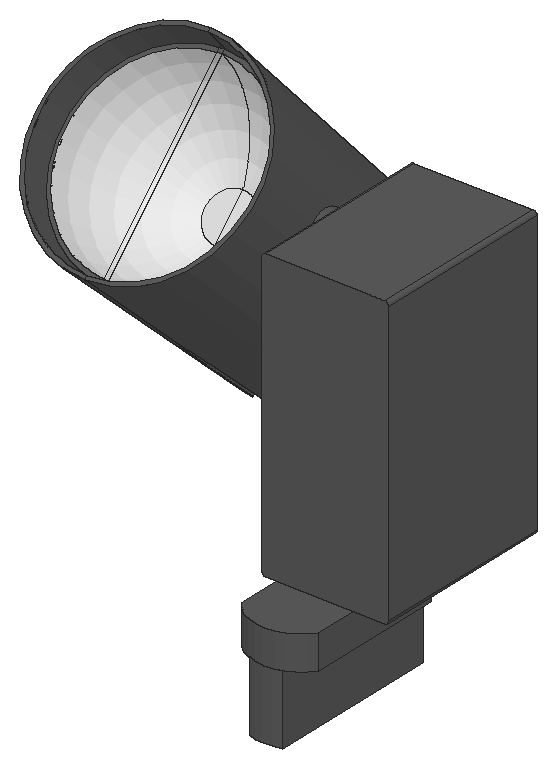
Revit family "0004884 Feilo Sylvania Lighting Fixture START TRACK SPOT S 14W 3K RA90 MB BLACK", category Lighting Fixtures, host Face, Revit 2017
Family settings
  Host = Face
  Round Connector Dimension = Use Diameter
  Part Type = Normal
  OmniClass Number = 23.80.70.00
  OmniClass Title = Lighting
  Cut with Voids When Loaded = No
  Light Source = No
  Shared = No
  Room Calculation Point = No
Parameters (values of type "0004884 START TRACK SPOT S 14W 3K RA90 MB BLACK")
  Weight = "0.94 kg"
  Wattage Comments = ""
  WarrantyStartDate [instance] = "n/a"
  WarrantyGuarantorParts = "n/a"
  WarrantyDurationUnit = "n/a"
  WarrantyDurationParts = "n/a"
  WarrantyDescription = "n/a"
  Voltage = 230 V
  URL = "http://www.sylvania-lighting.com"
  TypeName = "START TRACK SPOT S 14W 3K RA90 MB BLACK"
  TypeHead_FEILO = Start Track Spot Head : 0004884 START TRACK SPOT S 14W 3K RA90 MB BLACK
  TypeBox_FEILO = Start Track Spot Box : Type Small Black
  Type Image = <None>
  Type Comments = "n/a"
  VerticalRotation_FEILO [instance] = 0.00°
  SlideEndAngle_FEILO [instance] = VerticalRotation_FEILO + 180.00°  # 180.00°
  SerialNumber [instance] = "n/a"
  Material_3_FEILO = none
  PowerFactor = 0.92
  PowerConsumption = "14 W"
  NominalLength = 0 mm
  NominalHeight = 200 mm
  NominalDepth = 140 mm
  Name = "START TRACK SPOT S 14W 3K RA90 MB BLACK"
  ModelReference = Name  # "START TRACK SPOT S 14W 3K RA90 MB BLACK"
  ModelNumber = "0004884"
  Model = Name  # "START TRACK SPOT S 14W 3K RA90 MB BLACK"
  Material = "adc12 aluminium housing, polycarbonate diffuser"
  ManufacturerName = "Feilo Sylvania"
  Manufacturer = "Feilo Sylvania"
  LuminousEfficacy = "90 lm/W"
  LuminaireType = ""
  LightOutputRatio = "100"
  LampsType = Lamp  # "LED"
  LampNominalLuminous = "1262 lm"
  LampMacAdamStep = "3"
  LampColourTemperature = "3000 K"
  LampColourRenderingIndex = "90"
  Lamp = "LED"
  Keynote = "16500"
  InstallationDate [instance] = "n/a"
  InputVoltage = "230-240V~"
  InputNominalFrequency = "50/60 Hz"
  IngressProtection = "IP20"
  ImpactProtectionIndex = "IK02"
  IfcExportType = "IfcLightFixtureType"
  IfcExportAs = "IfcLightFixtureType"
  HorizontalRotation_FEILO [instance] = 45.00°
  ExpectedLife = 50000
  ElectricShockClassification = "Class II"
  DurationUnit = "hours"
  DocumentationLiterature = "http://www.sylvania-lighting.com/product/en-int/products/0004884"
  DimmingControlOptions = "Non dimmable"
  Material_2_FEILO = none
  Description = "Integrated LED spotlight, Textured Black - RAL9005, compact and minimalist design, ideal for retail applications, die-cast aluminium body, passive cooling heatsink. Beam angle: 36°, color temperature: 3000K , total system power: 14W, total fixture output: 1262 lm, LOR: 100%, colour rendering: Ra: 90 typical, LED Chromaticity: 3 step MacAdam ellipse, lifetime: >50000 hours at L70B50, energy class: A++, A+, A, IR/UV free light source without heat radiation, operating voltage: 220-240V / 50-60Hz, drive current: 350mA, electronic driver, non-dimmable, power factor: 0.92, electrical protection: Class II, Global Track 3 Phase adapter suitable for Global trac 3-circuit tracks, ingress protection rating: IP20, suitable for internal environment only, horizontal rotation: 355°, vertical tilt: 90°, dimensions: Ø86x140x200, weight: 0.940kg."
  Default Elevation = 1219.2 mm
  CreatedOn = "12/12/2017"
  CreatedBy = ""
  Cost = 0
  built-in parameter 1114216 [instance] = (empty or 0)
  ClassificationValue = "EF_70_80"
  ClassificationName = "Uniclass2015"
  Material_1_FEILO = Body-Sylvania-StartTrackSpot-Black
  BarCode [instance] = "n/a"
  AssetType = "Fixed"
  AssetIdentifier [instance] = "n/a"
  Assembly Code = "D5020200"
  Apparent Load = 14 VA
  Material_4_FEILO = none
Reference planes
  plane 1 "Center (Front/Back)": y = 0
  plane 2: z = 0
  plane 3 "Center (Left/Right)": x = 0
  plane 4: x = 15
  plane 5: x = -15
  plane 6: y = 35
  plane 7: y = -35
  plane 8: z = 13
  plane 9: z = -27
  plane 10: x = 6.5
  plane 11: x = -6.5
  plane 12: y = 27
  plane 13: y = -27
  plane 14: y = 20
Forms (mm)
  Extrusion 1, solid, material "Body-Sylvania-StartTrackSpot-Black" <- "Material_1_FEILO"
    sketch origin (0, 0, 0) x (1, 0, 0) y (0, 1, 0)
      loop
        line (-15, 27) -> (-15, -27)
        arc (-15, -27) -> (0, -35) -> (15, -27) r 18.062
        line (15, -27) -> (15, 27)
        arc (15, 27) -> (0, 35) -> (-15, 27) r 18.062
    from 0 to 13
  Extrusion 2, solid, material "Body-Sylvania-StartTrackSpot-Black" <- "Material_1_FEILO"
    sketch origin (0, 0, 0) x (1, 0, 0) y (0, 1, 0)
      loop
        arc (6.5, 33.79) -> (0, 35) -> (-6.5, 33.79) r 18.062
        line (-6.5, 33.79) -> (-6.5, -33.79)
        arc (-6.5, -33.79) -> (0, -35) -> (6.5, -33.79) r 18.062
        line (6.5, -33.79) -> (6.5, 33.79)
    from 0 to -27
  Revolve 3, solid, not visible
    sketch origin (1524, 20, 1219.2) x (1, 0, 0) y (0, 0, 1)
      loop
        line (-1524, -1206.2) -> (-1524, -1191.285) -> (-1530.5, -1191.285) -> (-1530.5, -1206.2) -> (-1524, -1206.2)
      axis (-1524, -1191.285) -> (-1524, -1206.2)
    angle from 0 <- "VerticalRotation_FEILO" to 180 <- "SlideEndAngle_FEILO"
Cuts and joins
  joined: Extrusion 1, Extrusion 2
Dimensions and locks
  equal spacing: plane 10, plane 3 "Center (Left/Right)", plane 11
  equal spacing: plane 4, plane 3 "Center (Left/Right)", plane 5
  locked: plane 8 to plane 2 at 13
  locked: plane 8 to plane 9 at 40
  equal spacing: plane 13, plane 1 "Center (Front/Back)", plane 12
  locked: plane 12 to plane 6 at 8
  locked: plane 14 to plane 6 at 15
  locked: Revolve 3 sketch curve to plane 8 at 14.915
  aligned and locked: plane 2 to host face
  aligned and locked: level to host face
  aligned and locked: plane 5 to Extrusion 1 sketch curve  (x2)
  aligned and locked: plane 12 to Extrusion 1 sketch curve
  aligned and locked: plane 13 to Extrusion 1 sketch curve
  aligned and locked: plane 4 to Extrusion 1 sketch curve
  aligned and locked: Extrusion 1 to plane 8
  aligned and locked: Extrusion 1 to level
  aligned and locked: Extrusion 2 sketch curve to Extrusion 1  (x2)
  aligned and locked: Extrusion 2 sketch curve to plane 11
  aligned and locked: plane 10 to Extrusion 2 sketch curve
  aligned and locked: plane 9 to Extrusion 2
  aligned and locked: level to Extrusion 2
  aligned and locked: Revolve 3 sketch curve to plane 3 "Center (Left/Right)"  (x2)
  aligned and locked: plane 11 to Revolve 3 sketch curve
  aligned and locked: Revolve 3 sketch curve to plane 8
Automatic sketch dimensions
  host sketch curve to host sketch curve = 2438.4 mm  (x2)
  Extrusion 1 sketch curve to plane 3 "Center (Left/Right)" = 0 mm  (x2)
  Extrusion 1 sketch curve to plane 13 = 10.062 mm
  plane 12 to Extrusion 1 sketch curve = 10.062 mm
  Revolve 3 sketch curve to plane 3 "Center (Left/Right)" = 0 mm
  plane 9 to Revolve 3 sketch curve = 582.6 mm
  Revolve 3 sketch curve to Revolve 3 sketch curve = 2581.144 mm
Nested families
  nested 1: "Start Track Spot Head" at (-62, 20, 112.529) x (0, 0.7071, 0.7071) z (0, 0.7071, -0.7071), type <- "TypeHead_FEILO", type "0004884 START TRACK SPOT S 14W 3K RA90 MB BLACK"
    with built-in parameter 1114216 (empty or 0)
  nested 2: "Start Track Spot Box" at (8.5, 20, 73) x (-1, 0, 0) z (0, -1, 0), BoxStartAngle_FEILO <- "HorizontalRotation_FEILO", type <- "TypeBox_FEILO", type "Type Small Black"
    with BoxStartAngle_FEILO 45.00°, BoxEndAngle_FEILO -135.00°
Connectors
  electrical at (0, 0, 0), driven by "Apparent Load", driven by "PowerFactor", driven by "Voltage"
    settings: index 1, voltage 230 V, apparent load 14 VA, apparent load phase1 0 VA, apparent load phase2 0 VA, apparent load phase3 0 VA, power factor 0.92, load classification "Lighting", number of poles 1, system type 30, power factor state 1, is connector primary yes, connector utility no, sub classification motor no, connector description ""
Definition of nested family "Start Track Spot Head"
  Parameters (values of type "0004811 START TRACK SPOT S 14W 3K RA80 NB WHITE")
    Wattage Comments = "n/a"
    Wattage = 14 W
    built-in parameter 1150110 = 1 (stored number, unit not read)
    URL = "http://www.feilosylvania.com"
    Type Image = (empty or 0)
    Type Comments = "n/a"
    built-in parameter 1114217 = 1 (stored number, unit not read)
    Tilt Angle = -90.00°
    built-in parameter 1150109 = 1 (stored number, unit not read)
    built-in parameter 1150134 = (empty or 0)
    built-in parameter 1150113 = 1 (stored number, unit not read)
    Photometric Web File = "0004811.ies"
    Material_3_FEILO = none
    Model = "START TRACK SPOT S 14W 3K RA80 NB WHITE"
    Manufacturer = "Feilo Sylvania"
    built-in parameter 1150105 = 123.66 (stored number, unit not read)
    Lumens = 1554 lm
    built-in parameter 1150115 = 1 (stored number, unit not read)
    built-in parameter 1150137 = (empty or 0)
    built-in parameter 1150139 = (empty or 0)
    built-in parameter 1150112 = 1 (stored number, unit not read)
    built-in parameter 1150114 = 1 (stored number, unit not read)
    Lamp = "LED"
    Keynote = "16500"
    Material_2_FEILO = none
    built-in parameter 1150132 = (empty or 0)
    built-in parameter 1150102 = (empty or 0)
    built-in parameter 1150107 = 3000 (stored number, unit not read)
    built-in parameter 1150138 = (empty or 0)
    built-in parameter 1150106 = 1.2366 (stored number, unit not read)
    HeadThickness_FEILO = if(HeadDiaOut_FEILO > 112 mm, 2 mm, 1.5 mm)  # 1.5 mm
    HeadRibOffset_FEILO = HeadHeight_FEILO / 28  # 4.179 mm
    HeadRibDepth_FEILO = HeadHeight_FEILO / 2.1  # 55.714 mm
    HeadRibCutWidth_FEILO = HeadDiaOut_FEILO / 12  # 7.167 mm
    HeadRibCutOffset_FEILO = HeadHeight_FEILO / 2.3  # 50.87 mm
    HeadReflectorRadius_FEILO = HeadDiaOut_FEILO / 1.7  # 50.588 mm
    HeadReflectorOffset_FEILO = HeadHeight_FEILO / 2.1  # 55.714 mm
    HeadLEDRadius_FEILO = HeadDiaOut_FEILO / 9  # 9.556 mm
    HeadHeight_FEILO = 117 mm
    HeadDraft_FEILO = 1 mm
    HeadDiffusorThickness_FEILO = 3 mm
    HeadDiffusorOffset_FEILO = HeadHeight_FEILO / 12.4  # 9.435 mm
    HeadDiaOut_FEILO = 86 mm
    HeadDiaIn_FEILO = HeadDiaOut_FEILO / 1.11  # 77.477 mm
    HeadAxisFromTop_FEILO = HeadHeight_FEILO / 1.687  # 69.354 mm
    Emit from Circle Diameter = HeadDiaIn_FEILO  # 77.477 mm
    Emit Shape Visible in Rendering = no
    built-in parameter 1150104 = 10.312 (stored number, unit not read)
    Dimming Lamp Color Temperature Shift = (empty or 0)
    Description = "Integrated LED spotlight, Textured White - RAL9016, compact and minimalist design, ideal for retail applications, die-cast aluminium body, passive cooling heatsink. Beam angle: 12°, color temperature: 3000K , total system power: 14W, total fixture output: 1551 lm, LOR: 100%, colour rendering: Ra: 80 typical, LED Chromaticity: 3 step MacAdam ellipse, lifetime: >50000 hours at L70B50, energy class: A++, A+, A, IR/UV free light source without heat radiation, operating voltage: 220-240V / 50-60Hz, drive current: 350mA, electronic driver, non-dimmable, power factor: 0.92, electrical protection: Class II, Global Track 3 Phase adapter suitable for Global trac 3-circuit tracks, ingress protection rating: IP20, suitable for internal environment only, horizontal rotation: 355°, vertical tilt: 90°, dimensions: Ø86x140x200, weight: 0.940kg."
    Default Elevation = 1219.2 mm
    Cost = 0
    Color Filter = 16777215
    built-in parameter 1114216 [instance] = (empty or 0)
    Material_1_FEILO = none
    built-in parameter 1114218 = 1 (stored number, unit not read)
    built-in parameter 1150133 = 10 (stored number, unit not read)
    Assembly Code = "D5020200"
    Apparent Load = 14 VA
    Material_4_FEILO = none
  Types (96, lengths in mm): name | Wattage | built-in parameter 1150134 | Photometric Web File | Model | built-in parameter 1150105 | Lumens | built-in parameter 1150107 | built-in parameter 1150106 | HeadThickness_FEILO | HeadRibOffset_FEILO | HeadRibDepth_FEILO | HeadRibCutWidth_FEILO | HeadRibCutOffset_FEILO | HeadReflectorRadius_FEILO | HeadReflectorOffset_FEILO | HeadLEDRadius_FEILO | HeadHeight_FEILO | HeadDiffusorOffset_FEILO | HeadDiaOut_FEILO | HeadDiaIn_FEILO | HeadAxisFromTop_FEILO | Emit from Circle Diameter | built-in parameter 1150104 | Description | Apparent Load
    0004906 START TRACK SPOT L 55W 4K RA90 WB BLACK | 55 W | 12 | "0004906.ies" | "START TRACK SPOT L 55W 4K RA90 WB BLACK" | 385.15 (stored number, unit not read) | 4840 lm | 4000 (stored number, unit not read) | 3.8515 (stored number, unit not read) | 2 | 4.429 | 59.048 | 9.417 | 53.913 | 66.471 | 59.048 | 12.556 | 124 | 10 | 113 | 101.802 | 73.503 | 101.802 | 8.1755 (stored number, unit not read) | "Integrated LED spotlight, Textured Black - RAL9005, compact and minimalist design, ideal for retail applications, die-cast aluminium body, passive cooling heatsink. Beam angle: 52°, color temperature: 4000K , total system power: 55W, total fixture output: 4824 lm, LOR: 100%, colour rendering: Ra: 90 typical, LED Chromaticity: 3 step MacAdam ellipse, lifetime: >50000 hours at L70B50, energy class: A++, A+, A, IR/UV free light source without heat radiation, operating voltage: 220-240V / 50-60Hz, drive current: 1400mA, electronic driver, non-dimmable, power factor: 0.96, electrical protection: Class II, Global Track 3 Phase adapter suitable for Global trac 3-circuit tracks, ingress protection rating: IP20, suitable for internal environment only, horizontal rotation: 355°, vertical tilt: 90°, dimensions: Ø113x164x240, weight: 1.398kg." | 55 VA
    0004905 START TRACK SPOT L 55W 4K RA90 MB BLACK | 55 W | 12 | "0004905.ies" | "START TRACK SPOT L 55W 4K RA90 MB BLACK" | 389.53 (stored number, unit not read) | 4895 lm | 4000 (stored number, unit not read) | 3.8953 (stored number, unit not read) | 2 | 4.429 | 59.048 | 9.417 | 53.913 | 66.471 | 59.048 | 12.556 | 124 | 10 | 113 | 101.802 | 73.503 | 101.802 | 8.2684 (stored number, unit not read) | "Integrated LED spotlight, Textured Black - RAL9005, compact and minimalist design, ideal for retail applications, die-cast aluminium body, passive cooling heatsink. Beam angle: 38°, color temperature: 4000K , total system power: 55W, total fixture output: 4897 lm, LOR: 100%, colour rendering: Ra: 90 typical, LED Chromaticity: 3 step MacAdam ellipse, lifetime: >50000 hours at L70B50, energy class: A++, A+, A, IR/UV free light source without heat radiation, operating voltage: 220-240V / 50-60Hz, drive current: 1400mA, electronic driver, non-dimmable, power factor: 0.96, electrical protection: Class II, Global Track 3 Phase adapter suitable for Global trac 3-circuit tracks, ingress protection rating: IP20, suitable for internal environment only, horizontal rotation: 355°, vertical tilt: 90°, dimensions: Ø113x164x240, weight: 1.398kg." | 55 VA
    0004904 START TRACK SPOT L 55W 4K RA90 NB BLACK | 55 W | 12 | "0004904.ies" | "START TRACK SPOT L 55W 4K RA90 NB BLACK" | 393.91 (stored number, unit not read) | 4950 lm | 4000 (stored number, unit not read) | 3.9391 (stored number, unit not read) | 2 | 4.429 | 59.048 | 9.417 | 53.913 | 66.471 | 59.048 | 12.556 | 124 | 10 | 113 | 101.802 | 73.503 | 101.802 | 8.3613 (stored number, unit not read) | "Integrated LED spotlight, Textured Black - RAL9005, compact and minimalist design, ideal for retail applications, die-cast aluminium body, passive cooling heatsink. Beam angle: 15°, color temperature: 4000K , total system power: 55W, total fixture output: 4965 lm, LOR: 100%, colour rendering: Ra: 90 typical, LED Chromaticity: 3 step MacAdam ellipse, lifetime: >50000 hours at L70B50, energy class: A++, A+, A, IR/UV free light source without heat radiation, operating voltage: 220-240V / 50-60Hz, drive current: 1400mA, electronic driver, non-dimmable, power factor: 0.96, electrical protection: Class II, Global Track 3 Phase adapter suitable for Global trac 3-circuit tracks, ingress protection rating: IP20, suitable for internal environment only, horizontal rotation: 355°, vertical tilt: 90°, dimensions: Ø113x164x240, weight: 1.398kg." | 55 VA
    0004903 START TRACK SPOT L 35W 4K RA90 WB BLACK | 35 W | 12 | "0004903.ies" | "START TRACK SPOT L 35W 4K RA90 WB BLACK" | 284.09 (stored number, unit not read) | 3570 lm | 4000 (stored number, unit not read) | 2.8409 (stored number, unit not read) | 2 | 4.429 | 59.048 | 9.417 | 53.913 | 66.471 | 59.048 | 12.556 | 124 | 10 | 113 | 101.802 | 73.503 | 101.802 | 9.4761 (stored number, unit not read) | "Integrated LED spotlight, Textured Black - RAL9005, compact and minimalist design, ideal for retail applications, die-cast aluminium body, passive cooling heatsink. Beam angle: 52°, color temperature: 4000K , total system power: 35W, total fixture output: 3562 lm, LOR: 100%, colour rendering: Ra: 90 typical, LED Chromaticity: 3 step MacAdam ellipse, lifetime: >50000 hours at L70B50, energy class: A++, A+, A, IR/UV free light source without heat radiation, operating voltage: 220-240V / 50-60Hz, drive current: 900mA, electronic driver, non-dimmable, power factor: 0.93, electrical protection: Class II, Global Track 3 Phase adapter suitable for Global trac 3-circuit tracks, ingress protection rating: IP20, suitable for internal environment only, horizontal rotation: 355°, vertical tilt: 90°, dimensions: Ø113x164x240, weight: 1.368kg." | 35 VA
    0004902 START TRACK SPOT L 35W 4K RA90 MB BLACK | 35 W | 12 | "0004902.ies" | "START TRACK SPOT L 35W 4K RA90 MB BLACK" | 286.88 (stored number, unit not read) | 3605 lm | 4000 (stored number, unit not read) | 2.8688 (stored number, unit not read) | 2 | 4.429 | 59.048 | 9.417 | 53.913 | 66.471 | 59.048 | 12.556 | 124 | 10 | 113 | 101.802 | 73.503 | 101.802 | 9.569 (stored number, unit not read) | "Integrated LED spotlight, Textured Black - RAL9005, compact and minimalist design, ideal for retail applications, die-cast aluminium body, passive cooling heatsink. Beam angle: 38°, color temperature: 4000K , total system power: 35W, total fixture output: 3616 lm, LOR: 100%, colour rendering: Ra: 90 typical, LED Chromaticity: 3 step MacAdam ellipse, lifetime: >50000 hours at L70B50, energy class: A++, A+, A, IR/UV free light source without heat radiation, operating voltage: 220-240V / 50-60Hz, drive current: 900mA, electronic driver, non-dimmable, power factor: 0.93, electrical protection: Class II, Global Track 3 Phase adapter suitable for Global trac 3-circuit tracks, ingress protection rating: IP20, suitable for internal environment only, horizontal rotation: 355°, vertical tilt: 90°, dimensions: Ø113x164x240, weight: 1.368kg." | 35 VA
    0004901 START TRACK SPOT L 35W 4K RA90 NB BLACK | 35 W | 12 | "0004901.ies" | "START TRACK SPOT L 35W 4K RA90 NB BLACK" | 286.88 (stored number, unit not read) | 3605 lm | 4000 (stored number, unit not read) | 2.8688 (stored number, unit not read) | 2 | 4.429 | 59.048 | 9.417 | 53.913 | 66.471 | 59.048 | 12.556 | 124 | 10 | 113 | 101.802 | 73.503 | 101.802 | 9.569 (stored number, unit not read) | "Integrated LED spotlight, Textured Black - RAL9005, compact and minimalist design, ideal for retail applications, die-cast aluminium body, passive cooling heatsink. Beam angle: 15°, color temperature: 4000K , total system power: 35W, total fixture output: 3593 lm, LOR: 100%, colour rendering: Ra: 90 typical, LED Chromaticity: 3 step MacAdam ellipse, lifetime: >50000 hours at L70B50, energy class: A++, A+, A, IR/UV free light source without heat radiation, operating voltage: 220-240V / 50-60Hz, drive current: 900mA, electronic driver, non-dimmable, power factor: 0.93, electrical protection: Class II, Global Track 3 Phase adapter suitable for Global trac 3-circuit tracks, ingress protection rating: IP20, suitable for internal environment only, horizontal rotation: 355°, vertical tilt: 90°, dimensions: Ø113x164x240, weight: 1.368kg." | 35 VA
    0004900 START TRACK SPOT S 24W 4K RA90 WB BLACK | 24 W | 12 | "0004900.ies" | "START TRACK SPOT S 24W 4K RA90 WB BLACK" | 166.16 (stored number, unit not read) | 2088 lm | 4000 (stored number, unit not read) | 1.6616 (stored number, unit not read) | 1.5 | 4.179 | 55.714 | 7.167 | 50.87 | 50.588 | 55.714 | 9.556 | 117 | 9.435 | 86 | 77.477 | 69.354 | 77.477 | 8.0826 (stored number, unit not read) | "Integrated LED spotlight, Textured Black - RAL9005, compact and minimalist design, ideal for retail applications, die-cast aluminium body, passive cooling heatsink. Beam angle: 64°, color temperature: 4000K , total system power: 24W, total fixture output: 2087 lm, LOR: 100%, colour rendering: Ra: 90 typical, LED Chromaticity: 3 step MacAdam ellipse, lifetime: >50000 hours at L70B50, energy class: A++, A+, A, IR/UV free light source without heat radiation, operating voltage: 220-240V / 50-60Hz, drive current: 600mA, electronic driver, non-dimmable, power factor: 0.95, electrical protection: Class II, Global Track 3 Phase adapter suitable for Global trac 3-circuit tracks, ingress protection rating: IP20, suitable for internal environment only, horizontal rotation: 355°, vertical tilt: 90°, dimensions: Ø86x140x200, weight: 0.966kg." | 24 VA
    0004899 START TRACK SPOT S 24W 4K RA90 MB BLACK | 24 W | 12 | "0004899.ies" | "START TRACK SPOT S 24W 4K RA90 MB BLACK" | 169.98 (stored number, unit not read) | 2136 lm | 4000 (stored number, unit not read) | 1.6998 (stored number, unit not read) | 1.5 | 4.179 | 55.714 | 7.167 | 50.87 | 50.588 | 55.714 | 9.556 | 117 | 9.435 | 86 | 77.477 | 69.354 | 77.477 | 8.2684 (stored number, unit not read) | "Integrated LED spotlight, Textured Black - RAL9005, compact and minimalist design, ideal for retail applications, die-cast aluminium body, passive cooling heatsink. Beam angle: 36°, color temperature: 4000K , total system power: 24W, total fixture output: 2141 lm, LOR: 100%, colour rendering: Ra: 90 typical, LED Chromaticity: 3 step MacAdam ellipse, lifetime: >50000 hours at L70B50, energy class: A++, A+, A, IR/UV free light source without heat radiation, operating voltage: 220-240V / 50-60Hz, drive current: 600mA, electronic driver, non-dimmable, power factor: 0.95, electrical protection: Class II, Global Track 3 Phase adapter suitable for Global trac 3-circuit tracks, ingress protection rating: IP20, suitable for internal environment only, horizontal rotation: 355°, vertical tilt: 90°, dimensions: Ø86x140x200, weight: 0.966kg." | 24 VA
    0004898 START TRACK SPOT S 24W 4K RA90 NB BLACK | 24 W | 12 | "0004898.ies" | "START TRACK SPOT S 24W 4K RA90 NB BLACK" | 171.89 (stored number, unit not read) | 2160 lm | 4000 (stored number, unit not read) | 1.7189 (stored number, unit not read) | 1.5 | 4.179 | 55.714 | 7.167 | 50.87 | 50.588 | 55.714 | 9.556 | 117 | 9.435 | 86 | 77.477 | 69.354 | 77.477 | 8.3613 (stored number, unit not read) | "Integrated LED spotlight, Textured Black - RAL9005, compact and minimalist design, ideal for retail applications, die-cast aluminium body, passive cooling heatsink. Beam angle: 12°, color temperature: 4000K , total system power: 24W, total fixture output: 2155 lm, LOR: 100%, colour rendering: Ra: 90 typical, LED Chromaticity: 3 step MacAdam ellipse, lifetime: >50000 hours at L70B50, energy class: A++, A+, A, IR/UV free light source without heat radiation, operating voltage: 220-240V / 50-60Hz, drive current: 600mA, electronic driver, non-dimmable, power factor: 0.95, electrical protection: Class II, Global Track 3 Phase adapter suitable for Global trac 3-circuit tracks, ingress protection rating: IP20, suitable for internal environment only, horizontal rotation: 355°, vertical tilt: 90°, dimensions: Ø86x140x200, weight: 0.966kg." | 24 VA
    0004897 START TRACK SPOT S 14W 4K RA90 WB BLACK | 14 W | 12 | "0004897.ies" | "START TRACK SPOT S 14W 4K RA90 WB BLACK" | 108.07 (stored number, unit not read) | 1358 lm | 4000 (stored number, unit not read) | 1.0807 (stored number, unit not read) | 1.5 | 4.179 | 55.714 | 7.167 | 50.87 | 50.588 | 55.714 | 9.556 | 117 | 9.435 | 86 | 77.477 | 69.354 | 77.477 | 9.0116 (stored number, unit not read) | "Integrated LED spotlight, Textured Black - RAL9005, compact and minimalist design, ideal for retail applications, die-cast aluminium body, passive cooling heatsink. Beam angle: 64°, color temperature: 4000K , total system power: 14W, total fixture output: 1352 lm, LOR: 100%, colour rendering: Ra: 90 typical, LED Chromaticity: 3 step MacAdam ellipse, lifetime: >50000 hours at L70B50, energy class: A++, A+, A, IR/UV free light source without heat radiation, operating voltage: 220-240V / 50-60Hz, drive current: 350mA, electronic driver, non-dimmable, power factor: 0.92, electrical protection: Class II, Global Track 3 Phase adapter suitable for Global trac 3-circuit tracks, ingress protection rating: IP20, suitable for internal environment only, horizontal rotation: 355°, vertical tilt: 90°, dimensions: Ø86x140x200, weight: 0.940kg." | 14 VA
    0004896 START TRACK SPOT S 14W 4K RA90 MB BLACK | 14 W | 12 | "0004896.ies" | "START TRACK SPOT S 14W 4K RA90 MB BLACK" | 108.07 (stored number, unit not read) | 1358 lm | 4000 (stored number, unit not read) | 1.0807 (stored number, unit not read) | 1.5 | 4.179 | 55.714 | 7.167 | 50.87 | 50.588 | 55.714 | 9.556 | 117 | 9.435 | 86 | 77.477 | 69.354 | 77.477 | 9.0116 (stored number, unit not read) | "Integrated LED spotlight, Textured Black - RAL9005, compact and minimalist design, ideal for retail applications, die-cast aluminium body, passive cooling heatsink. Beam angle: 36°, color temperature: 4000K , total system power: 14W, total fixture output: 1359 lm, LOR: 100%, colour rendering: Ra: 90 typical, LED Chromaticity: 3 step MacAdam ellipse, lifetime: >50000 hours at L70B50, energy class: A++, A+, A, IR/UV free light source without heat radiation, operating voltage: 220-240V / 50-60Hz, drive current: 350mA, electronic driver, non-dimmable, power factor: 0.92, electrical protection: Class II, Global Track 3 Phase adapter suitable for Global trac 3-circuit tracks, ingress protection rating: IP20, suitable for internal environment only, horizontal rotation: 355°, vertical tilt: 90°, dimensions: Ø86x140x200, weight: 0.940kg." | 14 VA
    0004895 START TRACK SPOT S 14W 4K RA90 NB BLACK | 14 W | 12 | "0004895.ies" | "START TRACK SPOT S 14W 4K RA90 NB BLACK" | 106.95 (stored number, unit not read) | 1344 lm | 4000 (stored number, unit not read) | 1.0695 (stored number, unit not read) | 1.5 | 4.179 | 55.714 | 7.167 | 50.87 | 50.588 | 55.714 | 9.556 | 117 | 9.435 | 86 | 77.477 | 69.354 | 77.477 | 8.9187 (stored number, unit not read) | "Integrated LED spotlight, Textured Black - RAL9005, compact and minimalist design, ideal for retail applications, die-cast aluminium body, passive cooling heatsink. Beam angle: 12°, color temperature: 4000K , total system power: 14W, total fixture output: 1349 lm, LOR: 100%, colour rendering: Ra: 90 typical, LED Chromaticity: 3 step MacAdam ellipse, lifetime: >50000 hours at L70B50, energy class: A++, A+, A, IR/UV free light source without heat radiation, operating voltage: 220-240V / 50-60Hz, drive current: 350mA, electronic driver, non-dimmable, power factor: 0.92, electrical protection: Class II, Global Track 3 Phase adapter suitable for Global trac 3-circuit tracks, ingress protection rating: IP20, suitable for internal environment only, horizontal rotation: 355°, vertical tilt: 90°, dimensions: Ø86x140x200, weight: 0.940kg." | 14 VA
    0004894 START TRACK SPOT L 55W 3K RA90 WB BLACK | 55 W | (empty or 0) | "0004894.ies" | "START TRACK SPOT L 55W 3K RA90 WB BLACK" | 350.14 (stored number, unit not read) | 4400 lm | 3000 (stored number, unit not read) | 3.5014 (stored number, unit not read) | 2 | 4.429 | 59.048 | 9.417 | 53.913 | 66.471 | 59.048 | 12.556 | 124 | 10 | 113 | 101.802 | 73.503 | 101.802 | 7.4322 (stored number, unit not read) | "Integrated LED spotlight, Textured Black - RAL9005, compact and minimalist design, ideal for retail applications, die-cast aluminium body, passive cooling heatsink. Beam angle: 52°, color temperature: 3000K , total system power: 55W, total fixture output: 4405 lm, LOR: 100%, colour rendering: Ra: 90 typical, LED Chromaticity: 3 step MacAdam ellipse, lifetime: >50000 hours at L70B50, energy class: A++, A+, A, IR/UV free light source without heat radiation, operating voltage: 220-240V / 50-60Hz, drive current: 1400mA, electronic driver, non-dimmable, power factor: 0.96, electrical protection: Class II, Global Track 3 Phase adapter suitable for Global trac 3-circuit tracks, ingress protection rating: IP20, suitable for internal environment only, horizontal rotation: 355°, vertical tilt: 90°, dimensions: Ø113x164x240, weight: 1.398kg." | 55 VA
    0004893 START TRACK SPOT L 55W 3K RA90 MB BLACK | 55 W | (empty or 0) | "0004893.ies" | "START TRACK SPOT L 55W 3K RA90 MB BLACK" | 354.52 (stored number, unit not read) | 4455 lm | 3000 (stored number, unit not read) | 3.5452 (stored number, unit not read) | 2 | 4.429 | 59.048 | 9.417 | 53.913 | 66.471 | 59.048 | 12.556 | 124 | 10 | 113 | 101.802 | 73.503 | 101.802 | 7.5251 (stored number, unit not read) | "Integrated LED spotlight, Textured Black - RAL9005, compact and minimalist design, ideal for retail applications, die-cast aluminium body, passive cooling heatsink. Beam angle: 38°, color temperature: 3000K , total system power: 55W, total fixture output: 4448 lm, LOR: 100%, colour rendering: Ra: 90 typical, LED Chromaticity: 3 step MacAdam ellipse, lifetime: >50000 hours at L70B50, energy class: A++, A+, A, IR/UV free light source without heat radiation, operating voltage: 220-240V / 50-60Hz, drive current: 1400mA, electronic driver, non-dimmable, power factor: 0.96, electrical protection: Class II, Global Track 3 Phase adapter suitable for Global trac 3-circuit tracks, ingress protection rating: IP20, suitable for internal environment only, horizontal rotation: 355°, vertical tilt: 90°, dimensions: Ø113x164x240, weight: 1.398kg." | 55 VA
    0004892 START TRACK SPOT L 55W 3K RA90 NB BLACK | 55 W | (empty or 0) | "0004892.ies" | "START TRACK SPOT L 55W 3K RA90 NB BLACK" | 350.14 (stored number, unit not read) | 4400 lm | 3000 (stored number, unit not read) | 3.5014 (stored number, unit not read) | 2 | 4.429 | 59.048 | 9.417 | 53.913 | 66.471 | 59.048 | 12.556 | 124 | 10 | 113 | 101.802 | 73.503 | 101.802 | 7.4322 (stored number, unit not read) | "Integrated LED spotlight, Textured Black - RAL9005, compact and minimalist design, ideal for retail applications, die-cast aluminium body, passive cooling heatsink. Beam angle: 15°, color temperature: 3000K , total system power: 55W, total fixture output: 4416 lm, LOR: 100%, colour rendering: Ra: 90 typical, LED Chromaticity: 3 step MacAdam ellipse, lifetime: >50000 hours at L70B50, energy class: A++, A+, A, IR/UV free light source without heat radiation, operating voltage: 220-240V / 50-60Hz, drive current: 1400mA, electronic driver, non-dimmable, power factor: 0.96, electrical protection: Class II, Global Track 3 Phase adapter suitable for Global trac 3-circuit tracks, ingress protection rating: IP20, suitable for internal environment only, horizontal rotation: 355°, vertical tilt: 90°, dimensions: Ø113x164x240, weight: 1.398kg." | 55 VA
    0004891 START TRACK SPOT L 35W 3K RA90 WB BLACK | 35 W | (empty or 0) | "0004891.ies" | "START TRACK SPOT L 35W 3K RA90 WB BLACK" | 259.02 (stored number, unit not read) | 3255 lm | 3000 (stored number, unit not read) | 2.5902 (stored number, unit not read) | 2 | 4.429 | 59.048 | 9.417 | 53.913 | 66.471 | 59.048 | 12.556 | 124 | 10 | 113 | 101.802 | 73.503 | 101.802 | 8.64 (stored number, unit not read) | "Integrated LED spotlight, Textured Black - RAL9005, compact and minimalist design, ideal for retail applications, die-cast aluminium body, passive cooling heatsink. Beam angle: 52°, color temperature: 3000K , total system power: 35W, total fixture output: 3260 lm, LOR: 100%, colour rendering: Ra: 90 typical, LED Chromaticity: 3 step MacAdam ellipse, lifetime: >50000 hours at L70B50, energy class: A++, A+, A, IR/UV free light source without heat radiation, operating voltage: 220-240V / 50-60Hz, drive current: 900mA, electronic driver, non-dimmable, power factor: 0.93, electrical protection: Class II, Global Track 3 Phase adapter suitable for Global trac 3-circuit tracks, ingress protection rating: IP20, suitable for internal environment only, horizontal rotation: 355°, vertical tilt: 90°, dimensions: Ø113x164x240, weight: 1.368kg." | 35 VA
    0004890 START TRACK SPOT L 35W 3K RA90 MB BLACK | 35 W | (empty or 0) | "0004890.ies" | "START TRACK SPOT L 35W 3K RA90 MB BLACK" | 261.81 (stored number, unit not read) | 3290 lm | 3000 (stored number, unit not read) | 2.6181 (stored number, unit not read) | 2 | 4.429 | 59.048 | 9.417 | 53.913 | 66.471 | 59.048 | 12.556 | 124 | 10 | 113 | 101.802 | 73.503 | 101.802 | 8.7329 (stored number, unit not read) | "Integrated LED spotlight, Textured Black - RAL9005, compact and minimalist design, ideal for retail applications, die-cast aluminium body, passive cooling heatsink. Beam angle: 38°, color temperature: 3000K , total system power: 35W, total fixture output: 3306 lm, LOR: 100%, colour rendering: Ra: 90 typical, LED Chromaticity: 3 step MacAdam ellipse, lifetime: >50000 hours at L70B50, energy class: A++, A+, A, IR/UV free light source without heat radiation, operating voltage: 220-240V / 50-60Hz, drive current: 900mA, electronic driver, non-dimmable, power factor: 0.93, electrical protection: Class II, Global Track 3 Phase adapter suitable for Global trac 3-circuit tracks, ingress protection rating: IP20, suitable for internal environment only, horizontal rotation: 355°, vertical tilt: 90°, dimensions: Ø113x164x240, weight: 1.368kg." | 35 VA
    0004889 START TRACK SPOT L 35W 3K RA90 NB BLACK | 35 W | (empty or 0) | "0004889.ies" | "START TRACK SPOT L 35W 3K RA90 NB BLACK" | 261.81 (stored number, unit not read) | 3290 lm | 3000 (stored number, unit not read) | 2.6181 (stored number, unit not read) | 2 | 4.429 | 59.048 | 9.417 | 53.913 | 66.471 | 59.048 | 12.556 | 124 | 10 | 113 | 101.802 | 73.503 | 101.802 | 8.7329 (stored number, unit not read) | "Integrated LED spotlight, Textured Black - RAL9005, compact and minimalist design, ideal for retail applications, die-cast aluminium body, passive cooling heatsink. Beam angle: 15°, color temperature: 3000K , total system power: 35W, total fixture output: 3287 lm, LOR: 100%, colour rendering: Ra: 90 typical, LED Chromaticity: 3 step MacAdam ellipse, lifetime: >50000 hours at L70B50, energy class: A++, A+, A, IR/UV free light source without heat radiation, operating voltage: 220-240V / 50-60Hz, drive current: 900mA, electronic driver, non-dimmable, power factor: 0.93, electrical protection: Class II, Global Track 3 Phase adapter suitable for Global trac 3-circuit tracks, ingress protection rating: IP20, suitable for internal environment only, horizontal rotation: 355°, vertical tilt: 90°, dimensions: Ø113x164x240, weight: 1.368kg." | 35 VA
    0004888 START TRACK SPOT S 24W 3K RA90 WB BLACK | 24 W | (empty or 0) | "0004888.ies" | "START TRACK SPOT S 24W 3K RA90 WB BLACK" | 152.79 (stored number, unit not read) | 1920 lm | 3000 (stored number, unit not read) | 1.5279 (stored number, unit not read) | 1.5 | 4.179 | 55.714 | 7.167 | 50.87 | 50.588 | 55.714 | 9.556 | 117 | 9.435 | 86 | 77.477 | 69.354 | 77.477 | 7.4322 (stored number, unit not read) | "Integrated LED spotlight, Textured Black - RAL9005, compact and minimalist design, ideal for retail applications, die-cast aluminium body, passive cooling heatsink. Beam angle: 64°, color temperature: 3000K , total system power: 24W, total fixture output: 1928 lm, LOR: 100%, colour rendering: Ra: 90 typical, LED Chromaticity: 3 step MacAdam ellipse, lifetime: >50000 hours at L70B50, energy class: A++, A+, A, IR/UV free light source without heat radiation, operating voltage: 220-240V / 50-60Hz, drive current: 600mA, electronic driver, non-dimmable, power factor: 0.95, electrical protection: Class II, Global Track 3 Phase adapter suitable for Global trac 3-circuit tracks, ingress protection rating: IP20, suitable for internal environment only, horizontal rotation: 355°, vertical tilt: 90°, dimensions: Ø86x140x200, weight: 0.966kg." | 24 VA
    0004887 START TRACK SPOT S 24W 3K RA90 MB BLACK | 24 W | (empty or 0) | "0004887.ies" | "START TRACK SPOT S 24W 3K RA90 MB BLACK" | 154.7 (stored number, unit not read) | 1944 lm | 3000 (stored number, unit not read) | 1.547 (stored number, unit not read) | 1.5 | 4.179 | 55.714 | 7.167 | 50.87 | 50.588 | 55.714 | 9.556 | 117 | 9.435 | 86 | 77.477 | 69.354 | 77.477 | 7.5251 (stored number, unit not read) | "Integrated LED spotlight, Textured Black - RAL9005, compact and minimalist design, ideal for retail applications, die-cast aluminium body, passive cooling heatsink. Beam angle: 36°, color temperature: 3000K , total system power: 24W, total fixture output: 1944 lm, LOR: 100%, colour rendering: Ra: 90 typical, LED Chromaticity: 3 step MacAdam ellipse, lifetime: >50000 hours at L70B50, energy class: A++, A+, A, IR/UV free light source without heat radiation, operating voltage: 220-240V / 50-60Hz, drive current: 600mA, electronic driver, non-dimmable, power factor: 0.95, electrical protection: Class II, Global Track 3 Phase adapter suitable for Global trac 3-circuit tracks, ingress protection rating: IP20, suitable for internal environment only, horizontal rotation: 355°, vertical tilt: 90°, dimensions: Ø86x140x200, weight: 0.966kg." | 24 VA
    0004886 START TRACK SPOT S 24W 3K RA90 NB BLACK | 24 W | (empty or 0) | "0004886.ies" | "START TRACK SPOT S 24W 3K RA90 NB BLACK" | 158.52 (stored number, unit not read) | 1992 lm | 3000 (stored number, unit not read) | 1.5852 (stored number, unit not read) | 1.5 | 4.179 | 55.714 | 7.167 | 50.87 | 50.588 | 55.714 | 9.556 | 117 | 9.435 | 86 | 77.477 | 69.354 | 77.477 | 7.711 (stored number, unit not read) | "Integrated LED spotlight, Textured Black - RAL9005, compact and minimalist design, ideal for retail applications, die-cast aluminium body, passive cooling heatsink. Beam angle: 12°, color temperature: 3000K , total system power: 24W, total fixture output: 1987 lm, LOR: 100%, colour rendering: Ra: 90 typical, LED Chromaticity: 3 step MacAdam ellipse, lifetime: >50000 hours at L70B50, energy class: A++, A+, A, IR/UV free light source without heat radiation, operating voltage: 220-240V / 50-60Hz, drive current: 600mA, electronic driver, non-dimmable, power factor: 0.95, electrical protection: Class II, Global Track 3 Phase adapter suitable for Global trac 3-circuit tracks, ingress protection rating: IP20, suitable for internal environment only, horizontal rotation: 355°, vertical tilt: 90°, dimensions: Ø86x140x200, weight: 0.966kg." | 24 VA
    0004885 START TRACK SPOT S 14W 3K RA90 WB BLACK | 14 W | (empty or 0) | "0004885.ies" | "START TRACK SPOT S 14W 3K RA90 WB BLACK" | 100.27 (stored number, unit not read) | 1260 lm | 3000 (stored number, unit not read) | 1.0027 (stored number, unit not read) | 1.5 | 4.179 | 55.714 | 7.167 | 50.87 | 50.588 | 55.714 | 9.556 | 117 | 9.435 | 86 | 77.477 | 69.354 | 77.477 | 8.3613 (stored number, unit not read) | "Integrated LED spotlight, Textured Black - RAL9005, compact and minimalist design, ideal for retail applications, die-cast aluminium body, passive cooling heatsink. Beam angle: 64°, color temperature: 3000K , total system power: 14W, total fixture output: 1262 lm, LOR: 100%, colour rendering: Ra: 90 typical, LED Chromaticity: 3 step MacAdam ellipse, lifetime: >50000 hours at L70B50, energy class: A++, A+, A, IR/UV free light source without heat radiation, operating voltage: 220-240V / 50-60Hz, drive current: 350mA, electronic driver, non-dimmable, power factor: 0.92, electrical protection: Class II, Global Track 3 Phase adapter suitable for Global trac 3-circuit tracks, ingress protection rating: IP20, suitable for internal environment only, horizontal rotation: 355°, vertical tilt: 90°, dimensions: Ø86x140x200, weight: 0.940kg." | 14 VA
    0004884 START TRACK SPOT S 14W 3K RA90 MB BLACK | 14 W | (empty or 0) | "0004884.ies" | "START TRACK SPOT S 14W 3K RA90 MB BLACK" | 100.27 (stored number, unit not read) | 1260 lm | 3000 (stored number, unit not read) | 1.0027 (stored number, unit not read) | 1.5 | 4.179 | 55.714 | 7.167 | 50.87 | 50.588 | 55.714 | 9.556 | 117 | 9.435 | 86 | 77.477 | 69.354 | 77.477 | 8.3613 (stored number, unit not read) | "Integrated LED spotlight, Textured Black - RAL9005, compact and minimalist design, ideal for retail applications, die-cast aluminium body, passive cooling heatsink. Beam angle: 36°, color temperature: 3000K , total system power: 14W, total fixture output: 1262 lm, LOR: 100%, colour rendering: Ra: 90 typical, LED Chromaticity: 3 step MacAdam ellipse, lifetime: >50000 hours at L70B50, energy class: A++, A+, A, IR/UV free light source without heat radiation, operating voltage: 220-240V / 50-60Hz, drive current: 350mA, electronic driver, non-dimmable, power factor: 0.92, electrical protection: Class II, Global Track 3 Phase adapter suitable for Global trac 3-circuit tracks, ingress protection rating: IP20, suitable for internal environment only, horizontal rotation: 355°, vertical tilt: 90°, dimensions: Ø86x140x200, weight: 0.940kg." | 14 VA
    0004883 START TRACK SPOT S 14W 3K RA90 NB BLACK | 14 W | (empty or 0) | "0004883.ies" | "START TRACK SPOT S 14W 3K RA90 NB BLACK" | 102.5 (stored number, unit not read) | 1288 lm | 3000 (stored number, unit not read) | 1.025 (stored number, unit not read) | 1.5 | 4.179 | 55.714 | 7.167 | 50.87 | 50.588 | 55.714 | 9.556 | 117 | 9.435 | 86 | 77.477 | 69.354 | 77.477 | 8.5471 (stored number, unit not read) | "Integrated LED spotlight, Textured Black - RAL9005, compact and minimalist design, ideal for retail applications, die-cast aluminium body, passive cooling heatsink. Beam angle: 12°, color temperature: 3000K , total system power: 14W, total fixture output: 1284 lm, LOR: 100%, colour rendering: Ra: 90 typical, LED Chromaticity: 3 step MacAdam ellipse, lifetime: >50000 hours at L70B50, energy class: A++, A+, A, IR/UV free light source without heat radiation, operating voltage: 220-240V / 50-60Hz, drive current: 350mA, electronic driver, non-dimmable, power factor: 0.92, electrical protection: Class II, Global Track 3 Phase adapter suitable for Global trac 3-circuit tracks, ingress protection rating: IP20, suitable for internal environment only, horizontal rotation: 355°, vertical tilt: 90°, dimensions: Ø86x140x200, weight: 0.940kg." | 14 VA
    0004882 START TRACK SPOT L 55W 4K RA90 WB WHITE | 55 W | 12 | "0004882.ies" | "START TRACK SPOT L 55W 4K RA90 WB WHITE" | 385.15 (stored number, unit not read) | 4840 lm | 4000 (stored number, unit not read) | 3.8515 (stored number, unit not read) | 2 | 4.429 | 59.048 | 9.417 | 53.913 | 66.471 | 59.048 | 12.556 | 124 | 10 | 113 | 101.802 | 73.503 | 101.802 | 8.1755 (stored number, unit not read) | "Integrated LED spotlight, Textured White - RAL9016, compact and minimalist design, ideal for retail applications, die-cast aluminium body, passive cooling heatsink. Beam angle: 52°, color temperature: 4000K , total system power: 55W, total fixture output: 4824 lm, LOR: 100%, colour rendering: Ra: 90 typical, LED Chromaticity: 3 step MacAdam ellipse, lifetime: >50000 hours at L70B50, energy class: A++, A+, A, IR/UV free light source without heat radiation, operating voltage: 220-240V / 50-60Hz, drive current: 1400mA, electronic driver, non-dimmable, power factor: 0.96, electrical protection: Class II, Global Track 3 Phase adapter suitable for Global trac 3-circuit tracks, ingress protection rating: IP20, suitable for internal environment only, horizontal rotation: 355°, vertical tilt: 90°, dimensions: Ø113x164x240, weight: 1.398kg." | 55 VA
    0004881 START TRACK SPOT L 55W 4K RA90 MB WHITE | 55 W | 12 | "0004881.ies" | "START TRACK SPOT L 55W 4K RA90 MB WHITE" | 389.53 (stored number, unit not read) | 4895 lm | 4000 (stored number, unit not read) | 3.8953 (stored number, unit not read) | 2 | 4.429 | 59.048 | 9.417 | 53.913 | 66.471 | 59.048 | 12.556 | 124 | 10 | 113 | 101.802 | 73.503 | 101.802 | 8.2684 (stored number, unit not read) | "Integrated LED spotlight, Textured White - RAL9016, compact and minimalist design, ideal for retail applications, die-cast aluminium body, passive cooling heatsink. Beam angle: 38°, color temperature: 4000K , total system power: 55W, total fixture output: 4897 lm, LOR: 100%, colour rendering: Ra: 90 typical, LED Chromaticity: 3 step MacAdam ellipse, lifetime: >50000 hours at L70B50, energy class: A++, A+, A, IR/UV free light source without heat radiation, operating voltage: 220-240V / 50-60Hz, drive current: 1400mA, electronic driver, non-dimmable, power factor: 0.96, electrical protection: Class II, Global Track 3 Phase adapter suitable for Global trac 3-circuit tracks, ingress protection rating: IP20, suitable for internal environment only, horizontal rotation: 355°, vertical tilt: 90°, dimensions: Ø113x164x240, weight: 1.398kg." | 55 VA
    0004880 START TRACK SPOT L 55W 4K RA90 NB WHITE | 55 W | 12 | "0004880.ies" | "START TRACK SPOT L 55W 4K RA90 NB WHITE" | 393.91 (stored number, unit not read) | 4950 lm | 4000 (stored number, unit not read) | 3.9391 (stored number, unit not read) | 2 | 4.429 | 59.048 | 9.417 | 53.913 | 66.471 | 59.048 | 12.556 | 124 | 10 | 113 | 101.802 | 73.503 | 101.802 | 8.3613 (stored number, unit not read) | "Integrated LED spotlight, Textured White - RAL9016, compact and minimalist design, ideal for retail applications, die-cast aluminium body, passive cooling heatsink. Beam angle: 15°, color temperature: 4000K , total system power: 55W, total fixture output: 4965 lm, LOR: 100%, colour rendering: Ra: 90 typical, LED Chromaticity: 3 step MacAdam ellipse, lifetime: >50000 hours at L70B50, energy class: A++, A+, A, IR/UV free light source without heat radiation, operating voltage: 220-240V / 50-60Hz, drive current: 1400mA, electronic driver, non-dimmable, power factor: 0.96, electrical protection: Class II, Global Track 3 Phase adapter suitable for Global trac 3-circuit tracks, ingress protection rating: IP20, suitable for internal environment only, horizontal rotation: 355°, vertical tilt: 90°, dimensions: Ø113x164x240, weight: 1.398kg." | 55 VA
    0004879 START TRACK SPOT L 35W 4K RA90 WB WHITE | 35 W | 12 | "0004879.ies" | "START TRACK SPOT L 35W 4K RA90 WB WHITE" | 284.09 (stored number, unit not read) | 3570 lm | 4000 (stored number, unit not read) | 2.8409 (stored number, unit not read) | 2 | 4.429 | 59.048 | 9.417 | 53.913 | 66.471 | 59.048 | 12.556 | 124 | 10 | 113 | 101.802 | 73.503 | 101.802 | 9.4761 (stored number, unit not read) | "Integrated LED spotlight, Textured White - RAL9016, compact and minimalist design, ideal for retail applications, die-cast aluminium body, passive cooling heatsink. Beam angle: 52°, color temperature: 4000K , total system power: 35W, total fixture output: 3562 lm, LOR: 100%, colour rendering: Ra: 90 typical, LED Chromaticity: 3 step MacAdam ellipse, lifetime: >50000 hours at L70B50, energy class: A++, A+, A, IR/UV free light source without heat radiation, operating voltage: 220-240V / 50-60Hz, drive current: 900mA, electronic driver, non-dimmable, power factor: 0.93, electrical protection: Class II, Global Track 3 Phase adapter suitable for Global trac 3-circuit tracks, ingress protection rating: IP20, suitable for internal environment only, horizontal rotation: 355°, vertical tilt: 90°, dimensions: Ø113x164x240, weight: 1.368kg." | 35 VA
    0004878 START TRACK SPOT L 35W 4K RA90 MB WHITE | 35 W | 12 | "0004878.ies" | "START TRACK SPOT L 35W 4K RA90 MB WHITE" | 286.88 (stored number, unit not read) | 3605 lm | 4000 (stored number, unit not read) | 2.8688 (stored number, unit not read) | 2 | 4.429 | 59.048 | 9.417 | 53.913 | 66.471 | 59.048 | 12.556 | 124 | 10 | 113 | 101.802 | 73.503 | 101.802 | 9.569 (stored number, unit not read) | "Integrated LED spotlight, Textured White - RAL9016, compact and minimalist design, ideal for retail applications, die-cast aluminium body, passive cooling heatsink. Beam angle: 38°, color temperature: 4000K , total system power: 35W, total fixture output: 3616 lm, LOR: 100%, colour rendering: Ra: 90 typical, LED Chromaticity: 3 step MacAdam ellipse, lifetime: >50000 hours at L70B50, energy class: A++, A+, A, IR/UV free light source without heat radiation, operating voltage: 220-240V / 50-60Hz, drive current: 900mA, electronic driver, non-dimmable, power factor: 0.93, electrical protection: Class II, Global Track 3 Phase adapter suitable for Global trac 3-circuit tracks, ingress protection rating: IP20, suitable for internal environment only, horizontal rotation: 355°, vertical tilt: 90°, dimensions: Ø113x164x240, weight: 1.368kg." | 35 VA
    0004877 START TRACK SPOT L 35W 4K RA90 NB WHITE | 35 W | 12 | "0004877.ies" | "START TRACK SPOT L 35W 4K RA90 NB WHITE" | 286.88 (stored number, unit not read) | 3605 lm | 4000 (stored number, unit not read) | 2.8688 (stored number, unit not read) | 2 | 4.429 | 59.048 | 9.417 | 53.913 | 66.471 | 59.048 | 12.556 | 124 | 10 | 113 | 101.802 | 73.503 | 101.802 | 9.569 (stored number, unit not read) | "Integrated LED spotlight, Textured White - RAL9016, compact and minimalist design, ideal for retail applications, die-cast aluminium body, passive cooling heatsink. Beam angle: 15°, color temperature: 4000K , total system power: 35W, total fixture output: 3593 lm, LOR: 100%, colour rendering: Ra: 90 typical, LED Chromaticity: 3 step MacAdam ellipse, lifetime: >50000 hours at L70B50, energy class: A++, A+, A, IR/UV free light source without heat radiation, operating voltage: 220-240V / 50-60Hz, drive current: 900mA, electronic driver, non-dimmable, power factor: 0.93, electrical protection: Class II, Global Track 3 Phase adapter suitable for Global trac 3-circuit tracks, ingress protection rating: IP20, suitable for internal environment only, horizontal rotation: 355°, vertical tilt: 90°, dimensions: Ø113x164x240, weight: 1.368kg." | 35 VA
    0004876 START TRACK SPOT S 24W 4K RA90 WB WHITE | 24 W | 12 | "0004876.ies" | "START TRACK SPOT S 24W 4K RA90 WB WHITE" | 166.16 (stored number, unit not read) | 2088 lm | 4000 (stored number, unit not read) | 1.6616 (stored number, unit not read) | 1.5 | 4.179 | 55.714 | 7.167 | 50.87 | 50.588 | 55.714 | 9.556 | 117 | 9.435 | 86 | 77.477 | 69.354 | 77.477 | 8.0826 (stored number, unit not read) | "Integrated LED spotlight, Textured White - RAL9016, compact and minimalist design, ideal for retail applications, die-cast aluminium body, passive cooling heatsink. Beam angle: 64°, color temperature: 4000K , total system power: 24W, total fixture output: 2087 lm, LOR: 100%, colour rendering: Ra: 90 typical, LED Chromaticity: 3 step MacAdam ellipse, lifetime: >50000 hours at L70B50, energy class: A++, A+, A, IR/UV free light source without heat radiation, operating voltage: 220-240V / 50-60Hz, drive current: 600mA, electronic driver, non-dimmable, power factor: 0.95, electrical protection: Class II, Global Track 3 Phase adapter suitable for Global trac 3-circuit tracks, ingress protection rating: IP20, suitable for internal environment only, horizontal rotation: 355°, vertical tilt: 90°, dimensions: Ø86x140x200, weight: 0.966kg." | 24 VA
    0004875 START TRACK SPOT S 24W 4K RA90 MB WHITE | 24 W | 12 | "0004875.ies" | "START TRACK SPOT S 24W 4K RA90 MB WHITE" | 169.98 (stored number, unit not read) | 2136 lm | 4000 (stored number, unit not read) | 1.6998 (stored number, unit not read) | 1.5 | 4.179 | 55.714 | 7.167 | 50.87 | 50.588 | 55.714 | 9.556 | 117 | 9.435 | 86 | 77.477 | 69.354 | 77.477 | 8.2684 (stored number, unit not read) | "Integrated LED spotlight, Textured White - RAL9016, compact and minimalist design, ideal for retail applications, die-cast aluminium body, passive cooling heatsink. Beam angle: 36°, color temperature: 4000K , total system power: 24W, total fixture output: 2141 lm, LOR: 100%, colour rendering: Ra: 90 typical, LED Chromaticity: 3 step MacAdam ellipse, lifetime: >50000 hours at L70B50, energy class: A++, A+, A, IR/UV free light source without heat radiation, operating voltage: 220-240V / 50-60Hz, drive current: 600mA, electronic driver, non-dimmable, power factor: 0.95, electrical protection: Class II, Global Track 3 Phase adapter suitable for Global trac 3-circuit tracks, ingress protection rating: IP20, suitable for internal environment only, horizontal rotation: 355°, vertical tilt: 90°, dimensions: Ø86x140x200, weight: 0.966kg." | 24 VA
    0004874 START TRACK SPOT S 24W 4K RA90 NB WHITE | 24 W | 12 | "0004874.ies" | "START TRACK SPOT S 24W 4K RA90 NB WHITE" | 171.89 (stored number, unit not read) | 2160 lm | 4000 (stored number, unit not read) | 1.7189 (stored number, unit not read) | 1.5 | 4.179 | 55.714 | 7.167 | 50.87 | 50.588 | 55.714 | 9.556 | 117 | 9.435 | 86 | 77.477 | 69.354 | 77.477 | 8.3613 (stored number, unit not read) | "Integrated LED spotlight, Textured White - RAL9016, compact and minimalist design, ideal for retail applications, die-cast aluminium body, passive cooling heatsink. Beam angle: 12°, color temperature: 4000K , total system power: 24W, total fixture output: 2155 lm, LOR: 100%, colour rendering: Ra: 90 typical, LED Chromaticity: 3 step MacAdam ellipse, lifetime: >50000 hours at L70B50, energy class: A++, A+, A, IR/UV free light source without heat radiation, operating voltage: 220-240V / 50-60Hz, drive current: 600mA, electronic driver, non-dimmable, power factor: 0.95, electrical protection: Class II, Global Track 3 Phase adapter suitable for Global trac 3-circuit tracks, ingress protection rating: IP20, suitable for internal environment only, horizontal rotation: 355°, vertical tilt: 90°, dimensions: Ø86x140x200, weight: 0.966kg." | 24 VA
    0004873 START TRACK SPOT S 14W 4K RA90 WB WHITE | 14 W | 12 | "0004873.ies" | "START TRACK SPOT S 14W 4K RA90 WB WHITE" | 108.07 (stored number, unit not read) | 1358 lm | 4000 (stored number, unit not read) | 1.0807 (stored number, unit not read) | 1.5 | 4.179 | 55.714 | 7.167 | 50.87 | 50.588 | 55.714 | 9.556 | 117 | 9.435 | 86 | 77.477 | 69.354 | 77.477 | 9.0116 (stored number, unit not read) | "Integrated LED spotlight, Textured White - RAL9016, compact and minimalist design, ideal for retail applications, die-cast aluminium body, passive cooling heatsink. Beam angle: 64°, color temperature: 4000K , total system power: 14W, total fixture output: 1352 lm, LOR: 100%, colour rendering: Ra: 90 typical, LED Chromaticity: 3 step MacAdam ellipse, lifetime: >50000 hours at L70B50, energy class: A++, A+, A, IR/UV free light source without heat radiation, operating voltage: 220-240V / 50-60Hz, drive current: 350mA, electronic driver, non-dimmable, power factor: 0.92, electrical protection: Class II, Global Track 3 Phase adapter suitable for Global trac 3-circuit tracks, ingress protection rating: IP20, suitable for internal environment only, horizontal rotation: 355°, vertical tilt: 90°, dimensions: Ø86x140x200, weight: 0.940kg." | 14 VA
    0004872 START TRACK SPOT S 14W 4K RA90 MB WHITE | 14 W | 12 | "0004872.ies" | "START TRACK SPOT S 14W 4K RA90 MB WHITE" | 108.07 (stored number, unit not read) | 1358 lm | 4000 (stored number, unit not read) | 1.0807 (stored number, unit not read) | 1.5 | 4.179 | 55.714 | 7.167 | 50.87 | 50.588 | 55.714 | 9.556 | 117 | 9.435 | 86 | 77.477 | 69.354 | 77.477 | 9.0116 (stored number, unit not read) | "Integrated LED spotlight, Textured White - RAL9016, compact and minimalist design, ideal for retail applications, die-cast aluminium body, passive cooling heatsink. Beam angle: 36°, color temperature: 4000K , total system power: 14W, total fixture output: 1359 lm, LOR: 100%, colour rendering: Ra: 90 typical, LED Chromaticity: 3 step MacAdam ellipse, lifetime: >50000 hours at L70B50, energy class: A++, A+, A, IR/UV free light source without heat radiation, operating voltage: 220-240V / 50-60Hz, drive current: 350mA, electronic driver, non-dimmable, power factor: 0.92, electrical protection: Class II, Global Track 3 Phase adapter suitable for Global trac 3-circuit tracks, ingress protection rating: IP20, suitable for internal environment only, horizontal rotation: 355°, vertical tilt: 90°, dimensions: Ø86x140x200, weight: 0.940kg." | 14 VA
    0004871 START TRACK SPOT S 14W 4K RA90 NB WHITE | 14 W | 12 | "0004871.ies" | "START TRACK SPOT S 14W 4K RA90 NB WHITE" | 106.95 (stored number, unit not read) | 1344 lm | 4000 (stored number, unit not read) | 1.0695 (stored number, unit not read) | 1.5 | 4.179 | 55.714 | 7.167 | 50.87 | 50.588 | 55.714 | 9.556 | 117 | 9.435 | 86 | 77.477 | 69.354 | 77.477 | 8.9187 (stored number, unit not read) | "Integrated LED spotlight, Textured White - RAL9016, compact and minimalist design, ideal for retail applications, die-cast aluminium body, passive cooling heatsink. Beam angle: 12°, color temperature: 4000K , total system power: 14W, total fixture output: 1349 lm, LOR: 100%, colour rendering: Ra: 90 typical, LED Chromaticity: 3 step MacAdam ellipse, lifetime: >50000 hours at L70B50, energy class: A++, A+, A, IR/UV free light source without heat radiation, operating voltage: 220-240V / 50-60Hz, drive current: 350mA, electronic driver, non-dimmable, power factor: 0.92, electrical protection: Class II, Global Track 3 Phase adapter suitable for Global trac 3-circuit tracks, ingress protection rating: IP20, suitable for internal environment only, horizontal rotation: 355°, vertical tilt: 90°, dimensions: Ø86x140x200, weight: 0.940kg." | 14 VA
    0004870 START TRACK SPOT L 55W 3K RA90 WB WHITE | 55 W | (empty or 0) | "0004870.ies" | "START TRACK SPOT L 55W 3K RA90 WB WHITE" | 350.14 (stored number, unit not read) | 4400 lm | 3000 (stored number, unit not read) | 3.5014 (stored number, unit not read) | 2 | 4.429 | 59.048 | 9.417 | 53.913 | 66.471 | 59.048 | 12.556 | 124 | 10 | 113 | 101.802 | 73.503 | 101.802 | 7.4322 (stored number, unit not read) | "Integrated LED spotlight, Textured White - RAL9016, compact and minimalist design, ideal for retail applications, die-cast aluminium body, passive cooling heatsink. Beam angle: 52°, color temperature: 3000K , total system power: 55W, total fixture output: 4405 lm, LOR: 100%, colour rendering: Ra: 90 typical, LED Chromaticity: 3 step MacAdam ellipse, lifetime: >50000 hours at L70B50, energy class: A++, A+, A, IR/UV free light source without heat radiation, operating voltage: 220-240V / 50-60Hz, drive current: 1400mA, electronic driver, non-dimmable, power factor: 0.96, electrical protection: Class II, Global Track 3 Phase adapter suitable for Global trac 3-circuit tracks, ingress protection rating: IP20, suitable for internal environment only, horizontal rotation: 355°, vertical tilt: 90°, dimensions: Ø113x164x240, weight: 1.398kg." | 55 VA
    0004869 START TRACK SPOT L 55W 3K RA90 MB WHITE | 55 W | (empty or 0) | "0004869.ies" | "START TRACK SPOT L 55W 3K RA90 MB WHITE" | 354.52 (stored number, unit not read) | 4455 lm | 3000 (stored number, unit not read) | 3.5452 (stored number, unit not read) | 2 | 4.429 | 59.048 | 9.417 | 53.913 | 66.471 | 59.048 | 12.556 | 124 | 10 | 113 | 101.802 | 73.503 | 101.802 | 7.5251 (stored number, unit not read) | "Integrated LED spotlight, Textured White - RAL9016, compact and minimalist design, ideal for retail applications, die-cast aluminium body, passive cooling heatsink. Beam angle: 38°, color temperature: 3000K , total system power: 55W, total fixture output: 4448 lm, LOR: 100%, colour rendering: Ra: 90 typical, LED Chromaticity: 3 step MacAdam ellipse, lifetime: >50000 hours at L70B50, energy class: A++, A+, A, IR/UV free light source without heat radiation, operating voltage: 220-240V / 50-60Hz, drive current: 1400mA, electronic driver, non-dimmable, power factor: 0.96, electrical protection: Class II, Global Track 3 Phase adapter suitable for Global trac 3-circuit tracks, ingress protection rating: IP20, suitable for internal environment only, horizontal rotation: 355°, vertical tilt: 90°, dimensions: Ø113x164x240, weight: 1.398kg." | 55 VA
    0004868 START TRACK SPOT L 55W 3K RA90 NB WHITE | 55 W | (empty or 0) | "0004868.ies" | "START TRACK SPOT L 55W 3K RA90 NB WHITE" | 350.14 (stored number, unit not read) | 4400 lm | 3000 (stored number, unit not read) | 3.5014 (stored number, unit not read) | 2 | 4.429 | 59.048 | 9.417 | 53.913 | 66.471 | 59.048 | 12.556 | 124 | 10 | 113 | 101.802 | 73.503 | 101.802 | 7.4322 (stored number, unit not read) | "Integrated LED spotlight, Textured White - RAL9016, compact and minimalist design, ideal for retail applications, die-cast aluminium body, passive cooling heatsink. Beam angle: 15°, color temperature: 3000K , total system power: 55W, total fixture output: 4416 lm, LOR: 100%, colour rendering: Ra: 90 typical, LED Chromaticity: 3 step MacAdam ellipse, lifetime: >50000 hours at L70B50, energy class: A++, A+, A, IR/UV free light source without heat radiation, operating voltage: 220-240V / 50-60Hz, drive current: 1400mA, electronic driver, non-dimmable, power factor: 0.96, electrical protection: Class II, Global Track 3 Phase adapter suitable for Global trac 3-circuit tracks, ingress protection rating: IP20, suitable for internal environment only, horizontal rotation: 355°, vertical tilt: 90°, dimensions: Ø113x164x240, weight: 1.398kg." | 55 VA
    0004867 START TRACK SPOT L 35W 3K RA90 WB WHITE | 35 W | (empty or 0) | "0004867.ies" | "START TRACK SPOT L 35W 3K RA90 WB WHITE" | 259.02 (stored number, unit not read) | 3255 lm | 3000 (stored number, unit not read) | 2.5902 (stored number, unit not read) | 2 | 4.429 | 59.048 | 9.417 | 53.913 | 66.471 | 59.048 | 12.556 | 124 | 10 | 113 | 101.802 | 73.503 | 101.802 | 8.64 (stored number, unit not read) | "Integrated LED spotlight, Textured White - RAL9016, compact and minimalist design, ideal for retail applications, die-cast aluminium body, passive cooling heatsink. Beam angle: 52°, color temperature: 3000K , total system power: 35W, total fixture output: 3260 lm, LOR: 100%, colour rendering: Ra: 90 typical, LED Chromaticity: 3 step MacAdam ellipse, lifetime: >50000 hours at L70B50, energy class: A++, A+, A, IR/UV free light source without heat radiation, operating voltage: 220-240V / 50-60Hz, drive current: 900mA, electronic driver, non-dimmable, power factor: 0.93, electrical protection: Class II, Global Track 3 Phase adapter suitable for Global trac 3-circuit tracks, ingress protection rating: IP20, suitable for internal environment only, horizontal rotation: 355°, vertical tilt: 90°, dimensions: Ø113x164x240, weight: 1.368kg." | 35 VA
    0004866 START TRACK SPOT L 35W 3K RA90 MB WHITE | 35 W | (empty or 0) | "0004866.ies" | "START TRACK SPOT L 35W 3K RA90 MB WHITE" | 261.81 (stored number, unit not read) | 3290 lm | 3000 (stored number, unit not read) | 2.6181 (stored number, unit not read) | 2 | 4.429 | 59.048 | 9.417 | 53.913 | 66.471 | 59.048 | 12.556 | 124 | 10 | 113 | 101.802 | 73.503 | 101.802 | 8.7329 (stored number, unit not read) | "Integrated LED spotlight, Textured White - RAL9016, compact and minimalist design, ideal for retail applications, die-cast aluminium body, passive cooling heatsink. Beam angle: 38°, color temperature: 3000K , total system power: 35W, total fixture output: 3306 lm, LOR: 100%, colour rendering: Ra: 90 typical, LED Chromaticity: 3 step MacAdam ellipse, lifetime: >50000 hours at L70B50, energy class: A++, A+, A, IR/UV free light source without heat radiation, operating voltage: 220-240V / 50-60Hz, drive current: 900mA, electronic driver, non-dimmable, power factor: 0.93, electrical protection: Class II, Global Track 3 Phase adapter suitable for Global trac 3-circuit tracks, ingress protection rating: IP20, suitable for internal environment only, horizontal rotation: 355°, vertical tilt: 90°, dimensions: Ø113x164x240, weight: 1.368kg." | 35 VA
    0004865 START TRACK SPOT L 35W 3K RA90 NB WHITE | 35 W | (empty or 0) | "0004865.ies" | "START TRACK SPOT L 35W 3K RA90 NB WHITE" | 261.81 (stored number, unit not read) | 3290 lm | 3000 (stored number, unit not read) | 2.6181 (stored number, unit not read) | 2 | 4.429 | 59.048 | 9.417 | 53.913 | 66.471 | 59.048 | 12.556 | 124 | 10 | 113 | 101.802 | 73.503 | 101.802 | 8.7329 (stored number, unit not read) | "Integrated LED spotlight, Textured White - RAL9016, compact and minimalist design, ideal for retail applications, die-cast aluminium body, passive cooling heatsink. Beam angle: 15°, color temperature: 3000K , total system power: 35W, total fixture output: 3287 lm, LOR: 100%, colour rendering: Ra: 90 typical, LED Chromaticity: 3 step MacAdam ellipse, lifetime: >50000 hours at L70B50, energy class: A++, A+, A, IR/UV free light source without heat radiation, operating voltage: 220-240V / 50-60Hz, drive current: 900mA, electronic driver, non-dimmable, power factor: 0.93, electrical protection: Class II, Global Track 3 Phase adapter suitable for Global trac 3-circuit tracks, ingress protection rating: IP20, suitable for internal environment only, horizontal rotation: 355°, vertical tilt: 90°, dimensions: Ø113x164x240, weight: 1.368kg." | 35 VA
